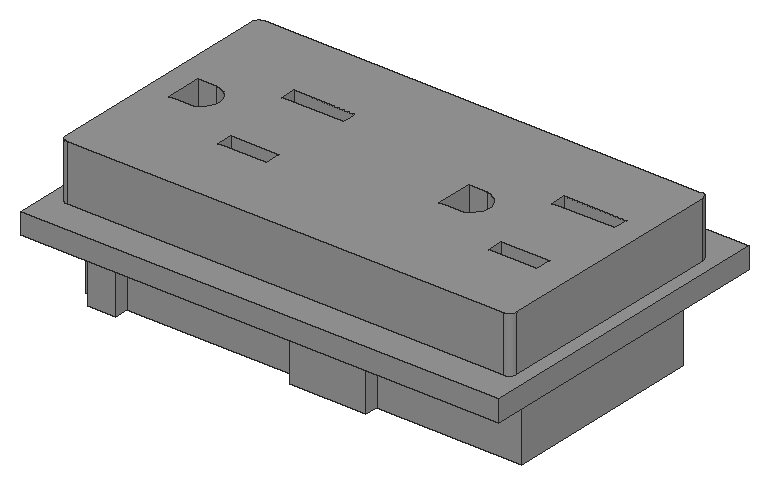
Revit family "TOMACORRIENTES DOBLE", category Electrical Fixtures, Revit 2023
Family settings
  Round Connector Dimension = Use Diameter
  Part Type = Normal
  Work Plane-Based = Yes
  Always vertical = No
  Cut with Voids When Loaded = No
  Maintain Annotation Orientation = No
  Shared = Yes
  Room Calculation Point = No
Parameters
  Y = 2 mm
  X4 = 2 mm
  X3 = 25 mm
  X2 = 11 mm
  X1 = 4 mm
  SEP TIERRAS = 39 mm
  SEP RANURAS = 10.5 mm
  SEP BORDE = 3.5 mm
  SEP = 14.5 mm
  RADIO_1 = 1 mm
  MATERIAL_2 [instance] = TERMOPOLIMERO NEGRO
  MATERIAL_1 [instance] = TERMOPOLIMERO BLANCO
  LONGITUD RECEPTACULO = 65 mm
  LARGO TIERRA = 2.6 mm
  LARGO POSITIVO = 9 mm
  LARGO NEGATIVO = 7 mm
  LARGO CONECTOR = 63 mm
  LARGO BASE = 69 mm
  INCLUIR EN LISTADO = no
  ESPESOR CONECTOR = 10 mm
  ESPESOR BASE = 3 mm
  ESPESOR = 8 mm
  E1 = 3 mm
  Default Elevation = 1219.2 mm
  ANCHO TIERRA = 5.3 mm
  ANCHO RANURA = 2.2 mm
  ANCHO CONECTOR = 29 mm
  ANCHO BASE = 45 mm
  ANCHO RECEPTACULO = 35.5 mm
  A3 = 2 mm
  A2 = 7.5 mm
  A1 = 31.5 mm
Reference planes
  plane 1 "Center (Front/Back)": y = 0
  plane 2: z = 0
  plane 3 "Center (Left/Right)": x = 0
  plane 4: x = -32.5
  plane 5: x = 32.5
  plane 6: y = -17.75
  plane 7: y = 17.75
  plane 8: x = -34.5
  plane 9: x = 34.5
  plane 10: y = 22.5
  plane 11: y = -22.5
  plane 12: y = 14.5
  plane 13: y = -14.5
  plane 14: y = 2.65
  plane 15: y = -2.65
  plane 16: x = -29
  plane 17: x = -26.4
  plane 18: x = -14.5
  plane 19: x = -10
  plane 20: x = -19
  plane 21: y = 7.45
  plane 22: y = 5.25
  plane 23: y = -5.25
  plane 24: y = -7.45
  plane 25: x = -18
  plane 26: x = -11
  plane 27: x = 10
  plane 28: x = 12.6
  plane 29: x = 20
  plane 30: x = 29
  plane 31: x = 21
  plane 32: x = 28
  plane 33: x = 24.5
  plane 34 "PLANO 1": z = -3
  plane 35: x = -31.5
  plane 36: x = 31.5
  plane 37: x = -29.5
  plane 38: x = -25.5
  plane 39: x = -0.5
  plane 40: x = 10.5
  plane 41: y = -16.5
  plane 42: y = 16.5
  plane 43 "PLANO 3": z = -13
  plane 44: x = -29.5
  plane 45: x = -22
  plane 46: y = -3.75
  plane 47: y = 3.75
  plane 48: x = 9.5
  plane 49: x = 17
  plane 50: z = -16
  plane 51: z = 8
Forms (mm)
  Extrusion 1, solid, material "TERMOPOLIMERO BLANCO" <- "MATERIAL_1"
    sketch origin (0, 0, 0) x (1, 0, 0) y (0, 1, 0)
      loop
        line (-34.5, 22.5) -> (-34.5, -22.5) -> (34.5, -22.5) -> (34.5, 22.5) -> (-34.5, 22.5)
    from 0 to -3
  Extrusion 2, solid, material "TERMOPOLIMERO BLANCO" <- "MATERIAL_1"
    sketch origin (0, 0, 0) x (1, 0, 0) y (0, 1, 0)
      loop
        arc (-31.5, 17.75) -> (-32.207, 17.457) -> (-32.5, 16.75) r 1
        line (-32.5, 16.75) -> (-32.5, -16.75)
        arc (-32.5, -16.75) -> (-32.207, -17.457) -> (-31.5, -17.75) r 1
        line (-31.5, -17.75) -> (31.5, -17.75)
        arc (31.5, -17.75) -> (32.207, -17.457) -> (32.5, -16.75) r 1
        line (32.5, -16.75) -> (32.5, 16.75)
        arc (32.5, 16.75) -> (32.207, 17.457) -> (31.5, 17.75) r 1
        line (31.5, 17.75) -> (-31.5, 17.75)
      loop
        line (-29, 2.65) -> (-29, -2.65) -> (-26.4, -2.65)
        arc (-26.4, -2.65) -> (-23.75, 0) -> (-26.4, 2.65) r 2.65
        line (-26.4, 2.65) -> (-29, 2.65)
      loop
        line (-19, 7.45) -> (-19, 5.25) -> (-10, 5.25) -> (-10, 7.45) -> (-19, 7.45)
      loop
        line (-18, -5.25) -> (-18, -7.45) -> (-11, -7.45) -> (-11, -5.25) -> (-18, -5.25)
      loop
        line (10, 2.65) -> (10, -2.65) -> (12.6, -2.65)
        arc (12.6, -2.65) -> (15.25, 0) -> (12.6, 2.65) r 2.65
        line (12.6, 2.65) -> (10, 2.65)
      loop
        line (20, 7.45) -> (20, 5.25) -> (29, 5.25) -> (29, 7.45) -> (20, 7.45)
      loop
        line (21, -5.25) -> (21, -7.45) -> (28, -7.45) -> (28, -5.25) -> (21, -5.25)
    from 0 to 8
  Extrusion 3, solid, material "TERMOPOLIMERO BLANCO" <- "MATERIAL_1"
    sketch origin (0, 0, -3) x (-1, 0, 0) y (0, -1, 0)
      loop
        line (31.5, 14.5) -> (29.5, 14.5) -> (29.5, 16.5) -> (25.5, 16.5) -> (25.5, 14.5) -> (0.5, 14.5) -> (0.5, 16.5) -> (-10.5, 16.5) -> (-10.5, 14.5) -> (-31.5, 14.5) -> (-31.5, -14.5) -> (-10.5, -14.5) -> (-10.5, -16.5) -> (0.5, -16.5) -> (0.5, -14.5) -> (25.5, -14.5) -> (25.5, -16.5) -> (29.5, -16.5) -> (29.5, -14.5) -> (31.5, -14.5) -> (31.5, 14.5)
    from 0 to -10
  Extrusion 4, solid, material "TERMOPOLIMERO BLANCO" <- "MATERIAL_1"
    sketch origin (0, 0, -13) x (-1, 0, 0) y (0, -1, 0)
      loop
        line (29.5, -3.75) -> (29.5, 3.75) -> (22, 3.75) -> (22, -3.75) -> (29.5, -3.75)
      loop
        line (-9.5, -3.75) -> (-9.5, 3.75) -> (-17, 3.75) -> (-17, -3.75) -> (-9.5, -3.75)
    from 0 to -3
Dimensions and locks
  equal spacing: plane 4, plane 3 "Center (Left/Right)", plane 5
  equal spacing: plane 7, plane 1 "Center (Front/Back)", plane 6
  "ANCHO RECEPTACULO": plane 7 to plane 6
  "LONGITUD RECEPTACULO": plane 4 to plane 5
  equal spacing: plane 10, plane 1 "Center (Front/Back)", plane 11
  equal spacing: plane 8, plane 3 "Center (Left/Right)", plane 9
  equal spacing: plane 12, plane 1 "Center (Front/Back)", plane 13
  equal spacing: plane 14, plane 1 "Center (Front/Back)", plane 15
  "SEP BORDE": plane 4 to plane 16
  "ANCHO TIERRA": plane 14 to plane 15
  "LARGO TIERRA": plane 16 to plane 17
  equal spacing: plane 20, plane 18, plane 19
  equal spacing: plane 25, plane 18, plane 26
  "LARGO POSITIVO": plane 20 to plane 19
  "LARGO NEGATIVO": plane 25 to plane 26
  equal spacing: plane 21, plane 1 "Center (Front/Back)", plane 24
  equal spacing: plane 22, plane 1 "Center (Front/Back)", plane 23
  "ANCHO RANURA": plane 21 to plane 22
  "SEP RANURAS": plane 22 to plane 23
  "SEP TIERRAS": plane 16 to plane 27
  "LARGO TIERRA": plane 27 to plane 28
  equal spacing: plane 29, plane 33, plane 30
  equal spacing: plane 31, plane 33, plane 32
  "LARGO POSITIVO": plane 29 to plane 30
  "LARGO NEGATIVO": plane 31 to plane 32
  "SEP": plane 27 to plane 33
  "SEP": plane 16 to plane 18
  "LARGO BASE": plane 8 to plane 9
  "ANCHO BASE": plane 10 to plane 11
  "ESPESOR BASE": plane 2 to plane 34 "PLANO 1"
  equal spacing: plane 35, plane 3 "Center (Left/Right)", plane 36
  "ANCHO CONECTOR": plane 12 to plane 13
  "LARGO CONECTOR": plane 35 to plane 36
  equal spacing: plane 42, plane 1 "Center (Front/Back)", plane 41
  "Y": plane 42 to plane 12
  "X1": plane 37 to plane 38
  "X2": plane 39 to plane 40
  "X3": plane 38 to plane 39
  "X4": plane 35 to plane 37
  "ESPESOR CONECTOR": plane 34 "PLANO 1" to plane 43 "PLANO 3"
  equal spacing: plane 47, plane 1 "Center (Front/Back)", plane 46
  "A2": plane 47 to plane 46
  "A2": plane 44 to plane 45
  "A2": plane 48 to plane 49
  "A1": plane 45 to plane 48
  "A3": plane 35 to plane 44
  "E1": plane 43 "PLANO 3" to plane 50
  "ESPESOR": plane 51 to plane 2
  "RADIO_1": radius of Extrusion 2 sketch curve  (x4)
  aligned and locked: level to plane 2
  aligned and locked: Extrusion 1 sketch curve to plane 10
  aligned and locked: plane 8 to Extrusion 1 sketch curve
  aligned and locked: Extrusion 1 sketch curve to plane 11
  aligned and locked: Extrusion 1 sketch curve to plane 9
  aligned and locked: plane 2 to Extrusion 1
  aligned and locked: Extrusion 2 sketch curve to plane 7
  aligned and locked: plane 6 to Extrusion 2 sketch curve
  aligned and locked: Extrusion 2 sketch curve to plane 5
  aligned and locked: Extrusion 2 sketch curve to plane 14
  aligned and locked: plane 15 to Extrusion 2 sketch curve
  aligned and locked: plane 17 to Extrusion 2 sketch curve
  aligned and locked: Extrusion 2 sketch curve to plane 19
  aligned and locked: plane 20 to Extrusion 2 sketch curve
  aligned and locked: plane 21 to Extrusion 2 sketch curve  (x2)
  aligned and locked: plane 22 to Extrusion 2 sketch curve
  aligned and locked: Extrusion 2 sketch curve to plane 23
  aligned and locked: plane 24 to Extrusion 2 sketch curve
  aligned and locked: plane 26 to Extrusion 2 sketch curve
  aligned and locked: Extrusion 2 sketch curve to plane 25
  aligned and locked: plane 16 to Extrusion 2 sketch curve
  aligned and locked: Extrusion 2 sketch curve to plane 22
  aligned and locked: plane 23 to Extrusion 2 sketch curve
  aligned and locked: Extrusion 2 sketch curve to plane 24
  aligned and locked: Extrusion 2 sketch curve to plane 15
  aligned and locked: plane 14 to Extrusion 2 sketch curve
  aligned and locked: plane 27 to Extrusion 2 sketch curve
  aligned and locked: plane 28 to Extrusion 2 sketch curve
  aligned and locked: plane 31 to Extrusion 2 sketch curve
  aligned and locked: Extrusion 2 sketch curve to plane 32
  aligned and locked: plane 29 to Extrusion 2 sketch curve
  aligned and locked: Extrusion 2 sketch curve to plane 30
  aligned and locked: Extrusion 1 to plane 34 "PLANO 1"
  aligned and locked: plane 35 to Extrusion 3 sketch curve
  aligned and locked: Extrusion 3 sketch curve to plane 36
  aligned and locked: Extrusion 3 sketch curve to plane 12  (x3)
  aligned and locked: Extrusion 3 sketch curve to plane 42  (x2)
  aligned and locked: Extrusion 3 sketch curve to plane 41  (x2)
  aligned and locked: Extrusion 3 sketch curve to plane 13  (x3)
  aligned and locked: Extrusion 3 sketch curve to plane 37
  aligned and locked: plane 38 to Extrusion 3 sketch curve
  aligned and locked: Extrusion 3 sketch curve to plane 39
  aligned and locked: plane 40 to Extrusion 3 sketch curve
  aligned and locked: Extrusion 3 sketch curve to plane 40
  aligned and locked: plane 39 to Extrusion 3 sketch curve
  aligned and locked: Extrusion 3 sketch curve to plane 38
  aligned and locked: plane 37 to Extrusion 3 sketch curve
  aligned and locked: Extrusion 3 to plane 43 "PLANO 3"
  aligned and locked: plane 34 "PLANO 1" to Extrusion 3
  aligned and locked: Extrusion 4 sketch curve to plane 47
  aligned and locked: plane 46 to Extrusion 4 sketch curve
  aligned and locked: Extrusion 4 sketch curve to plane 45
  aligned and locked: plane 44 to Extrusion 4 sketch curve
  aligned and locked: plane 48 to Extrusion 4 sketch curve
  aligned and locked: Extrusion 4 sketch curve to plane 49
  aligned and locked: plane 47 to Extrusion 4 sketch curve
  aligned and locked: Extrusion 4 sketch curve to plane 46
  aligned and locked: Extrusion 4 to plane 50
  aligned and locked: plane 43 "PLANO 3" to Extrusion 4
  aligned and locked: plane 51 to Extrusion 2
  aligned and locked: Extrusion 2 to plane 2
Automatic sketch dimensions
  Extrusion 2 sketch curve to plane 4 = 0 mm
  Extrusion 2 sketch curve to plane 35 = 0 mm
  Extrusion 2 sketch curve to plane 7 = 1 mm
Connectors
  electrical at (0, 0, 8)
    settings: on Extrusion 2, index 1, voltage 125 V, apparent load 0 VA, apparent load phase1 0 VA, apparent load phase2 0 VA, apparent load phase3 0 VA, power factor 1, load classification "Power", number of poles 1, system type 31, power factor state 1, is connector primary yes, connector utility no, sub classification motor no, connector description ""
